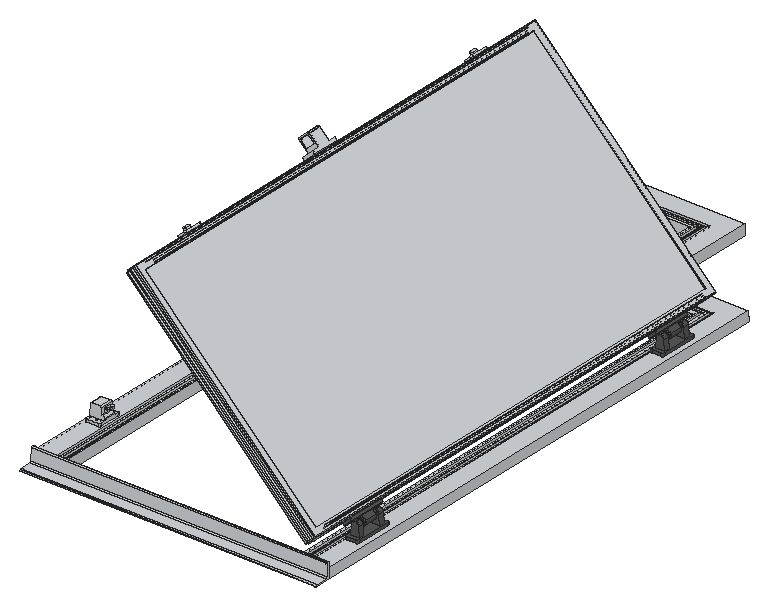
Revit family "Porta GBF com PT", category Doors, host Face, Revit 2020
Family settings
  Host = Face
  Cut with Voids When Loaded = Yes
  Shared = No
  Room Calculation Point = No
Parameters (values of type "100 - 1000 x 2100")
  VISOR [instance] = yes
  VEDAÇÃO INFERIOR [instance] = yes
  TAMPÃO [instance] = ""
  TAG [instance] = ""
  RAL do TAMPÃO [instance] = none
  PISO [instance] = ""
  OBSERVAÇÃO [instance] = ""
  NÚCLEO = ""
  Material do Perfil [instance] = none
  Largura Vao Luz = 1000 mm
  Largura PT = 250 mm
  FIXAÇÃO [instance] = ""
  Espessura Folha = 32 mm
  Espessura Painel [instance] = 100 mm
  Define Thermal Properties by = Schematic Type
  Default Elevation = 0 mm
  Desloc PT = 0 mm
  DETALHE [instance] = ""
  BUMPER [instance] = yes
  Angulo Abertura [instance] = 45.00°
  Altura Vao Luz = 2100 mm
  Altura PT = 450 mm
  ABERTURA [instance] = ""
Reference planes
  plane 1 "Centro (Frente/Trás)": y = 0
  plane 2: z = 0
  plane 3 "Centro (Esquerda/Direita)": x = 0
  plane 4: y = 2100
  plane 5: x = 445
  plane 6: y = 2157.5
  plane 7: z = -100
  plane 8: z = -50
  plane 9: z = 94.481
  plane 10: y = 271
  plane 11: y = 1893
  plane 12: x = 578.2
  plane 13: x = 935
  plane 14: x = 500
  plane 15: x = -500
  plane 16: y = 1020
  plane 17: z = 45
  plane 18: x = -590
  plane 19: y = 1843
  plane 20: y = 320
Forms (mm)
  Extrusion 1, void
    sketch origin (0, 0, 0) x (1, 0, 0) y (0, 1, 0)
      loop
        line (-500, 2157.5) -> (-500, 0) -> (500, 0) -> (500, 2157.5) -> (125, 2157.5) -> (125, 2550) -> (-125, 2550) -> (-125, 2157.5) -> (-500, 2157.5)
    from 0 to -100
Lines and regions (mm)
  reference lines
    curve 1: line (578.2, 0, 94.481) -> (522.925, 0, 149.756)
    curve 2: line (522.925, 0, 149.756) -> (547.674, 0, 174.504)
Dimensions and locks
  "Altura Vao Luz": plane 1 "Centro (Frente/Trás)" to plane 4
  plane 6 to plane 4 = 57.5 mm
  equal spacing: plane 2, plane 8, plane 7
  "Espessura Painel": plane 2 to plane 7
  locked: plane 9 to plane 2 at 94.481
  locked: plane 1 "Centro (Frente/Trás)" to plane 10 at 271
  locked: plane 11 to plane 4 at 207
  locked: plane 1 "Centro (Frente/Trás)" to plane 16 at 1020
  locked: plane 17 to plane 2 at 45
  equal spacing: plane 15, plane 3 "Centro (Esquerda/Direita)", plane 14
  "Largura Vao Luz": plane 15 to plane 14
  locked: plane 12 to plane 14 at 78.2
  curve 1 to curve 1 = 78.17 mm
  plane 18 to plane 15 = 90 mm
  locked: plane 19 to plane 6 at 314.5
  locked: plane 1 "Centro (Frente/Trás)" to plane 20 at 320
  "Angulo Abertura": angle curve 1 to plane 9
  locked: curve 1 to curve 2 (angle 90.00°)
  aligned and locked: plane 2 to host face
  aligned and locked: level to host face
  aligned and locked: Extrusion 1 sketch curve to plane 1 "Centro (Frente/Trás)"
  aligned and locked: plane 6 to Extrusion 1 sketch curve
  aligned and locked: plane 3 "Centro (Esquerda/Direita)" to nested 1
  aligned and locked: plane 2 to nested 1
  aligned and locked: plane 12 to nested 3
  aligned and locked: Extrusion 1 sketch curve to plane 14
  aligned and locked: Extrusion 1 sketch curve to plane 15
  aligned and locked: Extrusion 1 to plane 7
  aligned and locked: nested 3 to plane 17
  aligned and locked: curve 1 to plane 9
  aligned and locked: plane 12 to nested 2
  aligned and locked: nested 2 to plane 9
  aligned and locked: plane 12 to curve 1
  aligned and locked: nested 4 to curve 1
  aligned and locked: nested 4 to curve 2
  aligned and locked: nested 6 to plane 18
  aligned and locked: nested 5 to plane 18
  aligned and locked: plane 17 to nested 5
  aligned and locked: nested 7 to plane 18
  aligned and locked: plane 17 to nested 7
  aligned and locked: plane 17 to nested 6
  aligned and locked: nested 6 to plane 16
  aligned and locked: nested 5 to plane 20
  aligned and locked: nested 7 to plane 19
  aligned and locked: nested 1 to Extrusion 1 sketch curve  (x3)
Automatic sketch dimensions
  host sketch curve to host sketch curve = 2438.4 mm
  host sketch curve to host sketch curve = 3919.2 mm
  plane 6 to Extrusion 1 sketch curve = 0 mm
Nested families
  nested 1: "GBF PT Moldura" at (0, 0, 0) x (1, 0, 0) z (0, 1, 0), Altura <- "Altura Vao Luz", Largura <- "Largura Vao Luz", Altura PT <- "Altura PT", Desloc PT <- "Desloc PT", Largura PT <- "Largura PT", Perfil <- "Material do Perfil", type "GBF PT Moldura"
    with Perfil none, Largura PT 250 mm, Largura 1000 mm, Desloc PT canto 500 mm, Desloc PT 0 mm, Altura PT 450 mm, Altura 2100 mm
  nested 2: "GBF Dobradica" at (578.2, 271, 94.481) x (1, 0, 0) z (0, 1, 0), Angulo Abertura <- "Angulo Abertura", type "GC Dobradica"
    with Borracha Borracha, Angulo Abertura 45.00°
  nested 3: "GBF Dobradica" at (578.2, 1893, 94.481) x (1, 0, 0) z (0, 1, 0), Angulo Abertura <- "Angulo Abertura", type "GC Dobradica"
    with Borracha Borracha, Angulo Abertura 45.00°
  nested 4: "GBF Folha" at (101.49, 0, 435.427) x (0.7071, 0, -0.7071) z (0, 1, 0), Altura <- "Altura Vao Luz", Espessura <- "Espessura Folha", Largura <- "Largura Vao Luz", Perfil <- "Material do Perfil", TAMPÃO <- "RAL do TAMPÃO", type "GC Folha"
    with Largura 1000 mm, Espessura 32 mm, Altura 2100 mm
  nested 5: "GBF fechamento secundario" at (-590, 320, 45) x (1, 0, 0) z (0, 1, 0), Material <- "Material do Perfil", type "GBF fechamento secundario"
    with Material none
  nested 6: "GBF fechamento principal" at (-590, 1020, 45) x (1, 0, 0) z (0, 1, 0), Material <- "Material do Perfil", type "GBF fechamento principal"
    with Material none
  nested 7: "GBF fechamento secundario" at (-590, 1843, 45) x (1, 0, 0) z (0, 1, 0), Material <- "Material do Perfil", type "GBF fechamento secundario"
    with Material none
Definition of nested family "GBF PT Moldura"
  Parameters (values of type "GC Moldura")
    Perfil [instance] = none
    Largura PT [instance] = 250 mm
    Largura [instance] = 800 mm
    Default Elevation = 0 mm
    Desloc PT canto [instance] = Largura / 2 + Desloc PT  # 400 mm
    Desloc PT [instance] = 0 mm
    Altura PT [instance] = 450 mm
    Altura [instance] = 2100 mm
  Types (2): name
    GC Moldura
    GBF PT Moldura
  Reference planes
    plane 1 "Centro (Frente/Trás)": y = 0
    plane 2: z = 0
    plane 3 "Centro (Esquerda/Direita)": x = 0
    plane 4: x = -400
    plane 5: x = 400
    plane 6: z = 2100
    plane 7: x = -530
    plane 8: z = 2230
    plane 9: x = 530
    plane 10: x = 125
    plane 11: x = 0
    plane 12: x = -125
    plane 13: z = 2550
  Forms (mm)
    Sweep 1, solid, material <- "Perfil"
      path origin (0, 0, 0) x (1, 0, 0) y (0, 0, 1)
        loop
          line (-400, 0) -> (-400, 2100) -> (-125, 2100) -> (-125, 2550) -> (125, 2550) -> (125, 2100) -> (400, 2100) -> (400, 0)
      profile "GC Perfil moldura : GC Perfil moldura" origin (-400, 0, 1050) x (-1, 0, 0) y (0, -1, 0)
        loop
          line (44, 3) -> (44, 16.5) -> (82, 16.5) -> (82, 3) -> (127, 3) -> (127, 42) -> (49.5, 42) -> (49.5, 33.5) -> (32.5, 33.5) -> (32.5, 41.5) -> (29, 41.5) -> (29, 33.5) -> (12, 33.5) -> (12, 42) -> (3, 42) -> (3, 3) -> (44, 3)
        loop
          line (54.5, 0) -> (54.5, 4) -> (47, 4) -> (47, 13.5) -> (79, 13.5) -> (79, 4) -> (71.5, 4) -> (71.5, 0) -> (130, 0) -> (130, 45) -> (46.5, 45) -> (46.5, 36.5) -> (35.5, 36.5) -> (35.5, 44.5) -> (26, 44.5) -> (26, 36.5) -> (15, 36.5) -> (15, 45) -> (0, 45) -> (0, 0) -> (54.5, 0)
    Extrusion 2, solid, material <- "Perfil"
      sketch origin (0, 0, 0) x (0, 1, 0) y (0, 0, 1)
        loop
          line (-60.174, -6.169) -> (-12.651, -7.828)
          arc (-12.651, -7.828) -> (-9.29, -9.29) -> (-7.828, -12.651) r 5
          line (-7.828, -12.651) -> (-6.169, -60.174)
          arc (-6.169, -60.174) -> (-4.645, -63.597) -> (-1.172, -65) r 5
          line (-1.172, -65) -> (0, -65) -> (0, 0) -> (-65, 0) -> (-65, -1.172)
          arc (-65, -1.172) -> (-63.597, -4.645) -> (-60.174, -6.169) r 5
      from -530 to 530
  Dimensions and locks
    equal spacing: plane 4, plane 3 "Centro (Esquerda/Direita)", plane 5
    "Largura": plane 4 to plane 5
    "Altura": plane 6 to plane 2
    locked: plane 7 to plane 4 at 130
    locked: plane 8 to plane 6 at 130
    equal spacing: plane 9, plane 3 "Centro (Esquerda/Direita)", plane 7
    equal spacing: plane 12, plane 11, plane 10
    "Desloc PT canto": plane 4 to plane 11
    "Largura PT": plane 12 to plane 10
    "Altura PT": plane 13 to plane 6
    aligned and locked: level to plane 2
    aligned and locked: plane 2 to Extrusion 2 sketch curve
    aligned and locked: plane 1 "Centro (Frente/Trás)" to Extrusion 2 sketch curve
    aligned and locked: plane 7 to Extrusion 2
    aligned and locked: plane 9 to Extrusion 2
    aligned and locked: Sweep 1 sketch curve to plane 10
    aligned and locked: Sweep 1 sketch curve to plane 13
    aligned and locked: Sweep 1 sketch curve to plane 12
  Automatic sketch dimensions
    plane 4 to Sweep 1 sketch curve = 0 mm
    Sweep 1 sketch curve to level = 0 mm  (x2)
    Sweep 1 sketch curve to plane 5 = 0 mm
    plane 1 "Centro (Frente/Trás)" to Extrusion 2 sketch curve = 1.172 mm
    Extrusion 2 sketch curve to Extrusion 2 sketch curve = 4.997 mm
    plane 1 "Centro (Frente/Trás)" to Extrusion 2 sketch curve = 7.828 mm
    Extrusion 2 sketch curve to Extrusion 2 sketch curve = 4.822 mm  (x2)
    Extrusion 2 sketch curve to Extrusion 2 sketch curve = 0.174 mm  (x3)
    Extrusion 2 sketch curve to level = 1.172 mm
    Extrusion 2 sketch curve to Extrusion 2 sketch curve = 47.349 mm  (x2)
    Extrusion 2 sketch curve to level = 6.169 mm
    Extrusion 2 sketch curve to level = 7.828 mm
    Sweep 1 sketch curve to plane 6 = 0 mm  (x2)
Definition of nested family "GBF Dobradica"
  Parameters (values of type "GC Dobradica")
    Default Elevation = 1219.2 mm
    Borracha [instance] = none
    Angulo Abertura [instance] = 90.00°
  Reference planes
    plane 1 "Centro (Frente/Trás)": y = 0
    plane 2: z = 0
    plane 3 "Centro (Esquerda/Direita)": x = 0
    plane 4: y = 49.481
    plane 5: x = 9
    plane 6: x = -33.17
    plane 7: x = 27.75
    plane 8: x = -27.75
    plane 9: z = 82
    plane 10: z = -86
    plane 11: y = 38.481
    plane 12: z = 62
    plane 13: z = 40
    plane 14: z = -47
    plane 15: z = -66
  Forms (mm)
    Revolve 1, solid, material <- "Borracha"
      sketch origin (0, 0, 0) x (1, 0, 0) y (0, 0, 1)
        loop
          line (14, -27.007) -> (0, -27.007) -> (0, -47) -> (14, -47) -> (14, -38)
          arc (14, -38) -> (13.707, -37.293) -> (13, -37) r 1
          arc (13, -37) -> (13.707, -36.707) -> (14, -36) r 1
          line (14, -36) -> (14, -27.007)
        axis (0, -47) -> (0, -27.007)
      angle from 0 to 360
    Revolve 2, solid, material <- "Borracha"
      sketch origin (0, 0, 0) x (1, 0, 0) y (0, 0, -1)
        loop
          line (5.156, -27) -> (0, -27) -> (0, -40) -> (5.156, -40) -> (5.156, -27)
        axis (0, -40) -> (0, -27)
      angle from 0 to 360
    Extrusion 3, solid, material <- "Borracha"
      sketch origin (-17.75, -1524, -66) x (-1, 0, 0) y (0, -1, 0)
        loop
          line (1.5, -1562.481) -> (-1.436, -1520.505)
          arc (-1.436, -1520.505) -> (-5.854, -1511.242) -> (-15.402, -1507.481) r 14
          line (-15.402, -1507.481) -> (-20.098, -1507.481)
          arc (-20.098, -1507.481) -> (-29.646, -1511.242) -> (-34.064, -1520.505) r 14
          line (-34.064, -1520.505) -> (-37, -1562.481) -> (1.5, -1562.481)
      from 0 to 19
    Extrusion 4, solid, material <- "Borracha"
      sketch origin (-17.75, -1524, 40) x (-1, 0, 0) y (0, -1, 0)
        loop
          line (1.5, -1562.481) -> (-1.436, -1520.505)
          arc (-1.436, -1520.505) -> (-5.854, -1511.242) -> (-15.402, -1507.481) r 14
          line (-15.402, -1507.481) -> (-20.098, -1507.481)
          arc (-20.098, -1507.481) -> (-29.646, -1511.242) -> (-34.064, -1520.505) r 14
          line (-34.064, -1520.505) -> (-37, -1562.481) -> (1.5, -1562.481)
      from 0 to 22
    Extrusion 5, solid, material <- "Borracha"
      sketch origin (0, -33.17, 0) x (0, 0, 1) y (-1, 0, 0)
        loop
          line (82, -21) -> (82, 21) -> (-86, 21) -> (-86, -21) -> (82, -21)
      from 0 to -13
    Extrusion 6, solid, material <- "Borracha"
      sketch origin (-2.349, 38.481, 1200) x (-1, 0, 0) y (0, 0, 1)
        loop
          line (-20.099, -1286) -> (15.401, -1286)
          arc (15.401, -1286) -> (22.472, -1283.071) -> (25.401, -1276) r 10
          line (25.401, -1276) -> (25.401, -1128)
          arc (25.401, -1128) -> (22.472, -1120.929) -> (15.401, -1118) r 10
          line (15.401, -1118) -> (-20.099, -1118)
          arc (-20.099, -1118) -> (-27.17, -1120.929) -> (-30.099, -1128) r 10
          line (-30.099, -1128) -> (-30.099, -1276)
          arc (-30.099, -1276) -> (-27.17, -1283.071) -> (-20.099, -1286) r 10
      from 0 to 11
  Lines and regions (mm)
    reference lines
      curve 1: line (0, 0, 0) -> (0, -33.17, 0)
  Dimensions and locks
    locked: plane 4 to plane 11 at 11
    locked: Extrusion 5 sketch curve to Extrusion 5 sketch curve at 42
    locked: curve 1 to curve 1 at 33.17
    "Angulo Abertura": angle plane 1 "Centro (Frente/Trás)" to curve 1
    aligned and locked: level to plane 2
    aligned and locked: plane 14 to Extrusion 3
    aligned and locked: plane 12 to Extrusion 4
    aligned and locked: Extrusion 6 to plane 4
    aligned and locked: plane 3 "Centro (Esquerda/Direita)" to curve 1
    aligned and locked: plane 1 "Centro (Frente/Trás)" to curve 1
  Automatic sketch dimensions
    Revolve 1 sketch curve to plane 3 "Centro (Esquerda/Direita)" = 0 mm  (x2)
    Revolve 1 sketch curve to plane 14 = 0 mm
    Revolve 1 sketch curve to level = 0 mm
    plane 5 to Revolve 1 sketch curve = 4 mm
    plane 5 to Revolve 1 sketch curve = 5 mm  (x2)
    plane 14 to Revolve 1 sketch curve = 9 mm
    Revolve 1 sketch curve to Revolve 1 sketch curve = 1 mm
    Revolve 1 sketch curve to Revolve 1 sketch curve = 8.993 mm
    Revolve 1 sketch curve to plane 15 = 1.09 mm
    Revolve 2 sketch curve to plane 3 "Centro (Esquerda/Direita)" = 0 mm  (x2)
    Revolve 2 sketch curve to plane 13 = 0 mm
    Revolve 2 sketch curve to level = 0 mm
    plane 5 to Revolve 2 sketch curve = 3.844 mm
    plane 13 to Revolve 2 sketch curve = 13 mm
    Revolve 2 sketch curve to plane 12 = 5.09 mm
    Extrusion 3 sketch curve to plane 11 = 0 mm
    Extrusion 3 sketch curve to plane 7 = 8.5 mm
    plane 1 "Centro (Frente/Trás)" to Extrusion 3 sketch curve = 3.495 mm  (x2)
    plane 5 to Extrusion 3 sketch curve = 7.314 mm
    plane 3 "Centro (Esquerda/Direita)" to Extrusion 3 sketch curve = 2.348 mm
    Extrusion 3 sketch curve to plane 3 "Centro (Esquerda/Direita)" = 2.348 mm
    Extrusion 3 sketch curve to plane 8 = 11.436 mm
    Extrusion 3 sketch curve to plane 8 = 8.5 mm
    plane 1 "Centro (Frente/Trás)" to Extrusion 3 sketch curve = 2.518 mm
    Extrusion 4 sketch curve to plane 11 = 0 mm
    Extrusion 4 sketch curve to plane 7 = 8.5 mm
    plane 1 "Centro (Frente/Trás)" to Extrusion 4 sketch curve = 3.495 mm  (x2)
    plane 5 to Extrusion 4 sketch curve = 7.314 mm
    plane 3 "Centro (Esquerda/Direita)" to Extrusion 4 sketch curve = 2.348 mm
    Extrusion 4 sketch curve to plane 3 "Centro (Esquerda/Direita)" = 2.348 mm
    Extrusion 4 sketch curve to plane 8 = 11.436 mm
    Extrusion 4 sketch curve to plane 8 = 8.5 mm
    plane 1 "Centro (Frente/Trás)" to Extrusion 4 sketch curve = 2.518 mm
    Extrusion 5 sketch curve to plane 14 = 39 mm
    plane 13 to Extrusion 5 sketch curve = 42 mm
    Extrusion 6 sketch curve to plane 7 = 0 mm
    Extrusion 6 sketch curve to plane 9 = 0 mm
    Extrusion 6 sketch curve to plane 10 = 0 mm
    plane 8 to Extrusion 6 sketch curve = 0 mm
    plane 5 to Extrusion 6 sketch curve = 8.75 mm  (x2)
    Extrusion 6 sketch curve to plane 8 = 10 mm
    Extrusion 6 sketch curve to plane 15 = 10 mm
  Nested families
    nested 1: "Dobradica Parte" at (0, -20.17, 0) x (-1, 0, 0) z (0, 0, 1), Borracha <- "Borracha", type "Dobradica Parte"
  Definition of nested family "Dobradica Parte"
    Parameters (values of type "Dobradica Parte")
      Default Elevation = 1219.2 mm
      Borracha [instance] = none
    Reference planes
      plane 1 "Centro (Frente/Trás)": y = 0
      plane 2: z = 0
      plane 3 "Centro (Esquerda/Direita)": x = 0
    Forms (mm)
      Extrusion 1, solid, material <- "Borracha"
        sketch origin (-1524, -2.42, 40) x (0, 1, 0) y (-1, 0, 0)
          loop
            line (2.42, -1539.917) -> (2.42, -1508.083) -> (-21.109, -1510.855)
            arc (-21.109, -1510.855) -> (-32.744, -1523.909) -> (-21.173, -1537.02) r 13.177
            line (-21.173, -1537.02) -> (2.42, -1539.917)
        from -67.007 to -13.003
    Dimensions and locks
      aligned and locked: level to plane 2
Definition of nested family "GBF Folha"
  Parameters (values of type "GC Folha")
    TAMPÃO [instance] = none
    Perfil [instance] = none
    Largura [instance] = 800 mm
    Espessura [instance] = 50 mm
    Default Elevation = 0 mm
    Altura [instance] = 2100 mm
  Reference planes
    plane 1 "Centro (Frente/Trás)": y = 0
    plane 2: z = 0
    plane 3 "Centro (Esquerda/Direita)": x = 0
    plane 4: x = -400
    plane 5: x = 400
    plane 6: x = -445
    plane 7: z = 2100
    plane 8: z = 2140
    plane 9: x = -404.1
    plane 10: z = 60
    plane 11: x = -415
    plane 12: y = -70
    plane 13: y = -120
    plane 14: y = -64
    plane 15: y = -45
    plane 16: x = -440.055
    plane 17: x = 440
    plane 18: z = 15
    plane 19: z = 20
    plane 20: y = -96
    plane 21: x = 440.055
    plane 22: z = 1020
    plane 23: z = 320
    plane 24: z = 1843
  Forms (mm)
    Sweep 1, solid, material <- "Perfil"
      path origin (0, 0, 0) x (1, 0, 0) y (0, 0, 1)
        loop
          line (-400, 60) -> (400, 60) -> (400, 2100) -> (-400, 2100) -> (-400, 60)
      profile origin (-400, 0, 1080) x (-1, 0, 0) y (0, -1, 0)
        loop
          line (15, 70) -> (15.002, 69)
          arc (15.002, 69) -> (16.466, 65.464) -> (20.002, 64) r 5
          line (20.002, 64) -> (28.455, 64) -> (28.455, 65.5) -> (20.955, 65.5) -> (20.955, 69) -> (42.955, 69) -> (42.955, 65.5) -> (35.455, 65.5) -> (35.455, 64) -> (45, 64) -> (45, 122) -> (15, 122) -> (15, 120) -> (43, 120) -> (43, 70) -> (15, 70)
    Extrusion 2, solid, material <- "TAMPÃO"
      sketch origin (-426.904, -120, 1200) x (1, 0, 0) y (0, 0, 1)
        loop
          line (-13.151, 940) -> (-13.151, -1180) -> (866.904, -1180) -> (866.904, 940) -> (-13.151, 940)
      from 0 to -50
    Sweep 3, solid
      path origin (0, 0, 0) x (1, 0, 0) y (0, 0, 1)
        loop
          line (-400, 60) -> (-400, 2100) -> (400, 2100) -> (400, 60)
      profile origin (-400, 0, 1080) x (-1, 0, 0) y (0, -1, 0)
        loop
          line (18.855, 64) -> (18.855, 47.068)
          arc (18.855, 47.068) -> (31.37, 34.013) -> (45, 45.898) r 13.1
          line (45, 45.898) -> (45, 64) -> (35.455, 64) -> (35.455, 65.5) -> (42.955, 65.5) -> (42.955, 69) -> (20.955, 69) -> (20.955, 65.5) -> (28.455, 65.5) -> (28.455, 64) -> (18.855, 64)
        loop
          line (22.855, 60) -> (22.855, 47.1)
          arc (22.855, 47.1) -> (31.955, 37.98) -> (41.055, 47.08) r 9.1
          line (41.055, 47.08) -> (41.055, 60) -> (22.855, 60)
    Extrusion 4, solid, material <- "Perfil"
      sketch origin (0, 0, 0) x (0, 1, 0) y (0, 0, 1)
        loop
          line (-95.552, 11) -> (-94, 4) -> (-92.448, 11) -> (-85.552, 11) -> (-84, 4) -> (-82.448, 11) -> (-75.552, 11) -> (-74, 4) -> (-72.448, 11) -> (-58.417, 11) -> (-60, 41.2) -> (-64, 41.2) -> (-64, 31.6) -> (-65.5, 31.6) -> (-65.5, 39.1) -> (-69, 39.1) -> (-69, 17.1) -> (-65.5, 17.1) -> (-65.5, 24.6) -> (-64, 24.6) -> (-64, 15) -> (-108.417, 15) -> (-108.417, 11) -> (-95.552, 11)
      from -440.055 to 440.055
  Dimensions and locks
    equal spacing: plane 4, plane 3 "Centro (Esquerda/Direita)", plane 5
    "Largura": plane 4 to plane 5
    locked: plane 6 to plane 4 at 45
    "Altura": plane 7 to plane 2
    locked: plane 8 to plane 7 at 40
    locked: plane 10 to plane 2 at 60
    locked: plane 11 to plane 4 at 15
    locked: plane 12 to plane 1 "Centro (Frente/Trás)" at 70
    "Espessura": plane 13 to plane 12
    locked: plane 12 to plane 14 at 6
    plane 14 to plane 15 to plane 1 "Centro (Frente/Trás)" = 19 mm locked, 45 mm locked
    locked: plane 6 to plane 16 at 4.945
    locked: plane 10 to plane 18 at 45
    locked: plane 10 to plane 19 at 40
    locked: plane 14 to plane 20 at 32
    equal spacing: plane 21, plane 3 "Centro (Esquerda/Direita)", plane 16
    locked: plane 22 to level at 1020
    locked: plane 23 to level at 320
    locked: plane 24 to plane 7 at 257
    aligned and locked: level to plane 2
    aligned and locked: Sweep 1 sketch curve to plane 10
    aligned and locked: Sweep 1 sketch curve to plane 4
    aligned and locked: plane 5 to Sweep 1 sketch curve
    aligned and locked: Sweep 1 sketch curve to plane 7
    aligned and locked: Sweep 1 sketch curve to plane 12
    aligned and locked: Sweep 1 sketch curve to plane 13
    aligned and locked: Sweep 1 sketch curve to plane 6
    aligned and locked: Sweep 1 sketch curve to plane 11
    aligned and locked: Sweep 3 sketch curve to plane 14
    aligned and locked: Sweep 3 sketch curve to plane 6
    aligned and locked: Extrusion 2 to plane 16
    aligned and locked: plane 8 to Extrusion 2
    aligned and locked: plane 18 to Extrusion 4 sketch curve
    aligned and locked: plane 14 to Extrusion 4 sketch curve
    aligned and locked: Extrusion 4 to plane 16
    aligned and locked: Extrusion 2 sketch curve to plane 19
    aligned and locked: Extrusion 2 to plane 12
    aligned and locked: Extrusion 4 to plane 21
    aligned and locked: nested 1 to plane 20
    aligned and locked: plane 6 to nested 1
    aligned and locked: plane 22 to nested 1
    aligned and locked: nested 2 to plane 20
    aligned and locked: plane 6 to nested 2
    aligned and locked: nested 3 to plane 20
    aligned and locked: plane 6 to nested 3
    aligned and locked: plane 24 to nested 3
    aligned and locked: plane 23 to nested 2
  Automatic sketch dimensions
    Sweep 1 sketch curve to Sweep 1 sketch curve = 1.5 mm  (x2)
    Sweep 1 sketch curve to Sweep 1 sketch curve = 7.5 mm  (x2)
    Sweep 1 sketch curve to Sweep 1 sketch curve = 2.045 mm
    Sweep 1 sketch curve to Sweep 1 sketch curve = 3.5 mm  (x2)
    Sweep 1 sketch curve to Sweep 1 sketch curve = 5.955 mm
    Sweep 1 sketch curve to Sweep 1 sketch curve = 7 mm
    Sweep 1 sketch curve to Sweep 1 sketch curve = 0.953 mm
    Sweep 1 sketch curve to Sweep 1 sketch curve = 0 mm  (x2)
    Sweep 1 sketch curve to Sweep 1 sketch curve = 1 mm
    Sweep 1 sketch curve to Sweep 1 sketch curve = 2 mm  (x2)
    plane 4 to Sweep 3 sketch curve = 0 mm
    Sweep 3 sketch curve to plane 5 = 0 mm
    Sweep 3 sketch curve to plane 7 = 0 mm
    Sweep 3 sketch curve to profile plane = 18.855 mm
    Sweep 3 sketch curve to Sweep 3 sketch curve = 16.932 mm
    Sweep 3 sketch curve to Sweep 3 sketch curve = 13.1 mm
    Sweep 3 sketch curve to Sweep 3 sketch curve = 0.032 mm  (x2)
    Sweep 3 sketch curve to Sweep 3 sketch curve = 9.6 mm
    Sweep 3 sketch curve to Sweep 3 sketch curve = 1.5 mm  (x2)
    Sweep 3 sketch curve to Sweep 3 sketch curve = 7 mm
    Sweep 3 sketch curve to Sweep 3 sketch curve = 7.5 mm
    Sweep 3 sketch curve to Sweep 3 sketch curve = 3.5 mm
    Sweep 3 sketch curve to Sweep 3 sketch curve = 2.1 mm
    Sweep 3 sketch curve to Sweep 3 sketch curve = 0 mm  (x2)
    Sweep 3 sketch curve to Sweep 3 sketch curve = 4 mm  (x2)
    Sweep 3 sketch curve to Sweep 3 sketch curve = 3.945 mm
    Sweep 3 sketch curve to Sweep 3 sketch curve = 0.02 mm
    plane 7 to Extrusion 2 sketch curve = 40 mm
    plane 5 to Extrusion 2 sketch curve = 40 mm
    plane 4 to Extrusion 2 sketch curve = 40.055 mm
    Sweep 3 sketch curve to plane 10 = 0 mm  (x2)
    Extrusion 4 sketch curve to plane 18 = 4 mm  (x3)
    plane 12 to Extrusion 4 sketch curve = 38.417 mm
    Extrusion 4 sketch curve to Extrusion 4 sketch curve = 12.865 mm
    level to Extrusion 4 sketch curve = 4 mm  (x3)
    Extrusion 4 sketch curve to Extrusion 4 sketch curve = 1.552 mm  (x2)
    Extrusion 4 sketch curve to Extrusion 4 sketch curve = 3.104 mm  (x2)
    Extrusion 4 sketch curve to Extrusion 4 sketch curve = 6.896 mm
    plane 12 to Extrusion 4 sketch curve = 5.552 mm
    plane 12 to Extrusion 4 sketch curve = 4 mm
    plane 12 to Extrusion 4 sketch curve = 2.448 mm
    Extrusion 4 sketch curve to plane 12 = 1 mm
    plane 14 to Extrusion 4 sketch curve = 1.5 mm  (x2)
    Extrusion 4 sketch curve to plane 14 = 5.583 mm
    Extrusion 4 sketch curve to Extrusion 4 sketch curve = 0 mm
    plane 18 to Extrusion 4 sketch curve = 2.1 mm
    Extrusion 4 sketch curve to Extrusion 4 sketch curve = 7 mm
    Extrusion 4 sketch curve to Extrusion 4 sketch curve = 7.5 mm  (x2)
    Extrusion 4 sketch curve to Extrusion 4 sketch curve = 2.1 mm
    Extrusion 4 sketch curve to Extrusion 4 sketch curve = 4 mm
    Extrusion 4 sketch curve to plane 14 = 0 mm
  Nested families
    nested 1: "GBF fechamento principal folha" at (-445, -96, 1020) x (0, -1, 0) z (0, 0, 1), Material <- "Perfil", type "GBF fechamento principal folha"
      with Material none
    nested 2: "GBF fechamento secundario folha" at (-445, -96, 320) x (0, -1, 0) z (0, 0, 1), Material <- "Perfil", type "GBF fechamento secundario folha"
      with Material none
    nested 3: "GBF fechamento secundario folha" at (-445, -96, 1843) x (0, -1, 0) z (0, 0, 1), Material <- "Perfil", type "GBF fechamento secundario folha"
      with Material none
  Definition of nested family "GBF fechamento principal folha"
    Parameters (values of type "GBF fechamento principal folha")
      Material [instance] = none
      Default Elevation = 0 mm
    Reference planes
      plane 1 "Centro (Frente/Trás)": y = 0
      plane 2: z = 0
      plane 3 "Centro (Esquerda/Direita)": x = 0
    Forms (mm)
      Extrusion 1, solid
        sketch origin (-15.697, 0, -59) x (1, 0, 0) y (0, 0, 1)
          loop
            line (-18.159, 118.397) -> (-18.159, -0.397) -> (41.237, -0.397) -> (41.237, 118.397) -> (-18.159, 118.397)
        from 0 to 13.7
      Extrusion 2, solid
        sketch origin (-15.697, 0, 0) x (1, 0, 0) y (0, 1, 0)
          loop
            line (-18.159, -13.7) -> (-18.159, -72.7)
            arc (-18.159, -72.7) -> (-16.695, -76.236) -> (-13.159, -77.7) r 5
            line (-13.159, -77.7) -> (36.237, -77.7)
            arc (36.237, -77.7) -> (39.773, -76.236) -> (41.237, -72.7) r 5
            line (41.237, -72.7) -> (41.237, -13.7) -> (-18.159, -13.7)
          loop
            line (33.737, -31.653) -> (-10.659, -31.653) -> (-10.659, -70.2) -> (33.737, -70.2) -> (33.737, -31.653)
        from -25.643 to 24.831
    Cuts and joins
      joined: Extrusion 1, Extrusion 2
    Dimensions and locks
      aligned and locked: level to plane 2
  Definition of nested family "GBF fechamento secundario folha"
    Parameters (values of type "GBF fechamento secundario folha")
      Material [instance] = none
      Default Elevation = 0 mm
    Reference planes
      plane 1 "Centro (Frente/Trás)": y = 0
      plane 2: z = 0
      plane 3 "Centro (Esquerda/Direita)": x = 0
    Forms (mm)
      Extrusion 1, solid
        sketch origin (-0.697, 0, -59) x (1, 0, 0) y (0, 0, 1)
          loop
            arc (-16.081, 100.121) -> (-19.616, 98.656) -> (-21.081, 95.121) r 5
            line (-21.081, 95.121) -> (-21.081, 22.879)
            arc (-21.081, 22.879) -> (-19.616, 19.344) -> (-16.081, 17.879) r 5
            line (-16.081, 17.879) -> (17.475, 17.879)
            arc (17.475, 17.879) -> (21.01, 19.344) -> (22.475, 22.879) r 5
            line (22.475, 22.879) -> (22.475, 95.121)
            arc (22.475, 95.121) -> (21.01, 98.656) -> (17.475, 100.121) r 5
            line (17.475, 100.121) -> (-16.081, 100.121)
        from 0 to 8
      Extrusion 2, solid
        sketch origin (-0.697, 0, 0) x (1, 0, 0) y (0, 1, 0)
          loop
            arc (3.808, -9.623) -> (4.284, -8.475) -> (5.431, -8) r 1.623
            line (5.431, -8) -> (-9.37, -8)
            arc (-9.37, -8) -> (-8.223, -8.475) -> (-7.747, -9.623) r 1.623
            line (-7.747, -9.623) -> (-7.747, -21.397)
            arc (-7.747, -21.397) -> (-0.268, -22.444) -> (3.808, -16.085) r 6.998
            line (3.808, -16.085) -> (3.808, -9.623)
        from -10.966 to 10.966
    Cuts and joins
      joined: Extrusion 1, Extrusion 2
    Dimensions and locks
      aligned and locked: level to plane 2
Definition of nested family "GBF fechamento secundario"
  Parameters (values of type "GBF fechamento secundario")
    Material [instance] = none
    Default Elevation = 1219.2 mm
  Reference planes
    plane 1 "Centro (Frente/Trás)": y = 0
    plane 2: z = 0
    plane 3 "Centro (Esquerda/Direita)": x = 0
  Forms (mm)
    Extrusion 1, solid
      sketch origin (-0.697, 0, -59) x (1, 0, 0) y (0, 0, 1)
        loop
          arc (-26.105, 109.259) -> (-29.358, 107.911) -> (-30.705, 104.659) r 4.6
          line (-30.705, 104.659) -> (-30.705, 13.341)
          arc (-30.705, 13.341) -> (-29.358, 10.089) -> (-26.105, 8.741) r 4.6
          line (-26.105, 8.741) -> (27.499, 8.741)
          arc (27.499, 8.741) -> (30.752, 10.089) -> (32.099, 13.341) r 4.6
          line (32.099, 13.341) -> (32.099, 104.659)
          arc (32.099, 104.659) -> (30.752, 107.911) -> (27.499, 109.259) r 4.6
          line (27.499, 109.259) -> (-26.105, 109.259)
        loop
          arc (-9.163, 90.753) -> (-5.051, 94.865) -> (-9.163, 98.977) r 4.112
          line (-9.163, 98.977) -> (-17.387, 98.977)
          arc (-17.387, 98.977) -> (-21.499, 94.865) -> (-17.387, 90.753) r 4.112
          line (-17.387, 90.753) -> (-9.163, 90.753)
        loop
          circle (18.849, 94.866) r 3.198
        loop
          arc (17.022, 19.022) -> (21.134, 23.134) -> (17.022, 27.246) r 4.112
          line (17.022, 27.246) -> (8.798, 27.246)
          arc (8.798, 27.246) -> (4.686, 23.134) -> (8.798, 19.022) r 4.112
          line (8.798, 19.022) -> (17.022, 19.022)
        loop
          circle (-19.215, 23.134) r 3.198
      from 0 to 11.111
    Extrusion 2, solid
      sketch origin (-0.697, 0, 0) x (1, 0, 0) y (0, 1, 0)
        loop
          line (-30.705, 0) -> (-27.665, -58.01)
          arc (-27.665, -58.01) -> (-26.286, -61.002) -> (-23.227, -62.222) r 4.444
          line (-23.227, -62.222) -> (16.988, -62.222)
          arc (16.988, -62.222) -> (20.131, -60.92) -> (21.433, -57.778) r 4.444
          line (21.433, -57.778) -> (21.433, -32.67)
          arc (21.433, -32.67) -> (21.683, -31.199) -> (22.407, -29.894) r 4.444
          line (22.407, -29.894) -> (31.125, -18.995)
          arc (31.125, -18.995) -> (31.849, -17.69) -> (32.099, -16.219) r 4.444
          line (32.099, -16.219) -> (32.099, 0) -> (-30.705, 0)
      from -26.043 to 26.043
    Extrusion 3, solid
      sketch origin (-0.697, 0, 0) x (1, 0, 0) y (0, 1, 0)
        loop
          arc (22.214, -30.154) -> (21.632, -31.353) -> (21.433, -32.67) r 4.444
          line (21.433, -32.67) -> (21.433, -55.111) -> (29.984, -55.111)
          arc (29.984, -55.111) -> (38.298, -45.189) -> (27.074, -38.739) r 8.444
          arc (27.074, -38.739) -> (23.29, -35.213) -> (22.214, -30.154) r 8.598
      from 9.595 to 17.495
    Extrusion 4, solid
      sketch origin (-0.697, 0, 0) x (1, 0, 0) y (0, 1, 0)
        loop
          arc (22.214, -30.154) -> (21.632, -31.353) -> (21.433, -32.67) r 4.444
          line (21.433, -32.67) -> (21.433, -55.111) -> (29.984, -55.111)
          arc (29.984, -55.111) -> (38.298, -45.189) -> (27.074, -38.739) r 8.444
          arc (27.074, -38.739) -> (23.29, -35.213) -> (22.214, -30.154) r 8.598
      from -17.495 to -9.595
    Extrusion 5, solid
      sketch origin (-0.697, 0, 0) x (1, 0, 0) y (0, 1, 0)
        loop
          arc (22.214, -30.154) -> (21.632, -31.353) -> (21.433, -32.67) r 4.444
          line (21.433, -32.67) -> (21.433, -55.111) -> (23.928, -55.111) -> (23.928, -36.182)
          arc (23.928, -36.182) -> (22.502, -33.33) -> (22.214, -30.154) r 8.598
      from -9.595 to 9.595
    Extrusion 6, void
      sketch origin (-0.697, 0, 0) x (1, 0, 0) y (0, 1, 0)
        loop
          line (-30.123, -11.111) -> (-30.705, 0) -> (-34.567, 0) -> (-34.567, -11.111) -> (-30.123, -11.111)
      from -50.259 to 50.259
  Cuts and joins
    joined: Extrusion 3, Extrusion 4, Extrusion 5
    Extrusion 6 cuts Extrusion 1
    Extrusion 6 cuts Extrusion 2
    joined: Extrusion 1, Extrusion 2
  Dimensions and locks
    aligned and locked: level to plane 2
Definition of nested family "GBF fechamento principal"
  Parameters (values of type "GBF fechamento principal")
    Material [instance] = none
    Default Elevation = 1219.2 mm
  Reference planes
    plane 1 "Centro (Frente/Trás)": y = 0
    plane 2: z = 0
    plane 3 "Centro (Esquerda/Direita)": x = 0
  Forms (mm)
    Extrusion 1, solid
      sketch origin (-0.697, 0, -59) x (1, 0, 0) y (0, 0, 1)
        loop
          line (-18.159, 64) -> (-18.159, -20.957) -> (41.237, -20.957) -> (41.237, 64) -> (-18.159, 64)
      from 0 to 11.111
    Extrusion 2, solid
      sketch origin (-0.697, 0, 0) x (1, 0, 0) y (0, 1, 0)
        loop
          line (-18.284, -62.222) -> (3.896, -62.222)
          arc (3.896, -62.222) -> (7.039, -60.92) -> (8.341, -57.778) r 4.444
          line (8.341, -57.778) -> (8.341, -35.598)
          arc (8.341, -35.598) -> (7.039, -32.455) -> (3.896, -31.153) r 4.444
          line (3.896, -31.153) -> (-18.284, -31.153)
          arc (-18.284, -31.153) -> (-21.426, -32.455) -> (-22.728, -35.598) r 4.444
          line (-22.728, -35.598) -> (-22.728, -57.778)
          arc (-22.728, -57.778) -> (-21.426, -60.92) -> (-18.284, -62.222) r 4.444
      from -61.681 to 303.836
    Extrusion 3, solid
      sketch origin (-0.697, 0, 0) x (1, 0, 0) y (0, 1, 0)
        loop
          line (-18.284, -31.153) -> (3.896, -31.153)
          arc (3.896, -31.153) -> (7.039, -32.455) -> (8.341, -35.598) r 4.444
          line (8.341, -35.598) -> (18.392, 0) -> (-12.677, 0) -> (-22.072, -33.273)
          arc (-22.072, -33.273) -> (-20.454, -31.719) -> (-18.284, -31.153) r 4.444
      from -56.598 to -25.643
  Cuts and joins
    joined: Extrusion 1, Extrusion 2
  Dimensions and locks
    aligned and locked: level to plane 2
